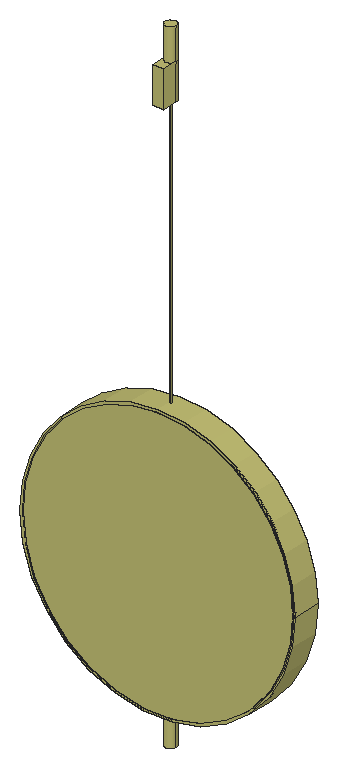
Revit family "Galileo-LivingDivani", category Casework, host Wall, Revit 2014
Parameters (values of type "Diametro 60 cm")
  URL = ""
  Type Comments = "www.livingdivani.it"
  Model = "Galileo"
  Mat. Struttura = Zinc
  Mat. Specchio = Glass, Cast, Clear
  Diametro 90 cm = not(Diametro 60cm)  # no
  Diametro 60cm = yes
Types (2, lengths in mm): name | URL | Type Comments | Diametro 90 cm | Diametro 60cm
  Diametro 60 cm | "" | "www.livingdivani.it" | no | yes
  Diametro 90 cm | "www.livingdivani.it" | 0 | yes | no
Reference planes
  plane 1: y = 0
  plane 2 "Centro (Sinistra/Destra)": x = 125
  plane 3 "Indietro": y = 75
Text (mm)
  text "Lato posizionamento" at (-1343.702, 674.496, 0), in view "Livello rif."
  text "Lato posizionamento" at (0, 1232.041, 2958.779), in view "Sinistra"
  text "Lato posizionamento" at (0, 590.385, 3035.99), in view "Destra"
Dimensions and locks
  locked: plane 3 "Indietro" to host wall at 0
  aligned and locked: plane 1 to host wall
  aligned and locked: nested 2 to nested 1
  aligned and locked: plane 3 "Indietro" to nested 1
  aligned and locked: plane 3 "Indietro" to nested 2
Nested families
  nested 1: "Galileo 90-LivingDivani" at (125, 75, 1205), visible <- "Diametro 90 cm", type "Specchio 90cm"
  nested 2: "Galileo 60-LivingDivani" at (125, 75, 1209.922), visible <- "Diametro 60cm", type "Specchio 60cm"
Definition of nested family "Galileo 90-LivingDivani"
  Parameters (values of type "Specchio 90cm")
    URL = "http://www.livingdivani.it"
    Model = "Galileo"
    Mat.specchio = Glass, Cast, Clear
    Mat. Struttura = Zinc
    Manufacturer = "LivingDivani"
    Codice prodotto = ""
    Altezza da terra = 980 mm
  Reference planes
    plane 1 "Centro (Fronte/Retro)": y = 0
    plane 2: z = 0
    plane 3 "Centro (Sinistra/Destra)": x = 0
    plane 4: z = 1430
    plane 5: z = 980
  Forms (mm)
    Sweep 1, solid, material "Zinc" <- "Mat. Struttura"
      path origin (0, 0, -354.052) x (-1, 0, 0) y (0, 0, 1)
        loop
          circle (0, 879.052) r 450
      profile origin (0, 0, 975) x (0, 0, -1) y (0, 1, 0)
        loop
          line (0, 0) -> (0, 60) -> (-5, 60) -> (-5, 0) -> (0, 0)
    Extrusion 2, solid, material "Zinc" <- "Mat. Struttura"
      sketch origin (0, 30, 0) x (-1, 0, 0) y (0, -1, 0)
        loop
          circle (0, -5) r 12.25
      from 0 to 70
    Extrusion 3, solid, material "Glass, Cast, Clear" <- "Mat.specchio"
      sketch origin (0, 2, -353.052) x (-1, 0, 0) y (0, 0, 1)
        loop
          circle (0, 878.052) r 448
      from 0 to 2
    Extrusion 4, solid, material "Zinc" <- "Mat. Struttura"
      sketch origin (0, 0, -351.052) x (-1, 0, 0) y (0, 0, 1)
        loop
          circle (0, 876.052) r 450
      from 0 to 2
    Extrusion 5, solid, material "Zinc" <- "Mat. Struttura"
      sketch origin (0, 30, 345) x (-1, 0, 0) y (0, -1, 0)
        loop
          circle (0, -5) r 1.5
      from -275 to 1085
    Extrusion 6, solid, material "Zinc" <- "Mat. Struttura"
      sketch origin (0, 30, 1170) x (-1, 0, 0) y (0, -1, 0)
        loop
          line (-12.5, 30) -> (-12.5, -5)
          arc (-12.5, -5) -> (0, -17.5) -> (12.5, -5) r 12.5
          line (12.5, -5) -> (12.5, 30) -> (-12.5, 30)
      from 260 to 340
    Extrusion 7, solid, material "Zinc" <- "Mat. Struttura"
      sketch origin (0, 30, 1250) x (-1, 0, 0) y (0, -1, 0)
        loop
          circle (0, -5) r 12.25
      from 260 to 330
  Dimensions and locks
    locked: plane 4 to Extrusion 7 at 150
    locked: plane 4 to Extrusion 7 at 80
    locked: plane 4 to Extrusion 6 at 80
    locked: Extrusion 2 to plane 5 at 980
    plane 5 to plane 4 = 450 mm
    locked: Extrusion 2 to Extrusion 2 at 70
    "Altezza da terra": level to plane 5
    locked: plane 5 to Extrusion 5 at 910
    Extrusion 7 to level = 1580 mm
    aligned and locked: level to plane 2
    aligned and locked: plane 4 to Extrusion 5
    aligned and locked: plane 4 to Extrusion 6
  Automatic sketch dimensions
    Sweep 1 sketch curve to plane 3 "Centro (Sinistra/Destra)" = 0 mm
    Sweep 1 sketch curve to plane 5 = 455 mm
    Sweep 1 sketch curve to profile plane = 0 mm  (x2)
    Sweep 1 sketch curve to Sweep 1 sketch curve = 5 mm
    Sweep 1 sketch curve to Sweep 1 sketch curve = 60 mm
    Extrusion 2 sketch curve to plane 3 "Centro (Sinistra/Destra)" = 0 mm
    Extrusion 2 sketch curve to plane 1 "Centro (Fronte/Retro)" = 35 mm
    Extrusion 3 sketch curve to Extrusion 3 sketch curve = 0 mm  (x2)
    Extrusion 3 sketch curve to plane 3 "Centro (Sinistra/Destra)" = 0 mm
    Extrusion 3 sketch curve to plane 5 = 455 mm
    Extrusion 3 sketch curve to Extrusion 3 sketch curve = 448 mm
    Extrusion 4 sketch curve to Extrusion 4 sketch curve = 0 mm  (x2)
    Extrusion 4 sketch curve to plane 3 "Centro (Sinistra/Destra)" = 0 mm
    Extrusion 4 sketch curve to plane 5 = 455 mm
    Extrusion 4 sketch curve to Extrusion 4 sketch curve = 450 mm
    Extrusion 5 sketch curve to plane 3 "Centro (Sinistra/Destra)" = 0 mm
    Extrusion 5 sketch curve to plane 1 "Centro (Fronte/Retro)" = 35 mm
    plane 1 "Centro (Fronte/Retro)" to Extrusion 6 sketch curve = 0 mm
    Extrusion 6 sketch curve to plane 3 "Centro (Sinistra/Destra)" = 0 mm
    Extrusion 6 sketch curve to Extrusion 6 sketch curve = 12.5 mm
    Extrusion 6 sketch curve to Extrusion 6 sketch curve = 35 mm
    Extrusion 7 sketch curve to plane 3 "Centro (Sinistra/Destra)" = 0 mm
    Extrusion 7 sketch curve to plane 1 "Centro (Fronte/Retro)" = 35 mm
    radius of Sweep 1 sketch curve = 450 mm
    radius of Extrusion 2 sketch curve = 12.25 mm
    radius of Extrusion 5 sketch curve = 1.5 mm
    radius of Extrusion 7 sketch curve = 12.25 mm
Definition of nested family "Galileo 60-LivingDivani"
  Parameters (values of type "Specchio 60cm")
    URL = "http://www.livingdivani.it"
    Model = "Galileo"
    Mat.specchio = Glass, Cast, Clear
    Mat. Struttura = Zinc
    Manufacturer = "LivingDivani"
    Codice prodotto = ""
    Altezza da terra = 680 mm
  Reference planes
    plane 1 "Centro (Fronte/Retro)": y = 0
    plane 2: z = -5
    plane 3 "Centro (Sinistra/Destra)": x = 0
    plane 4: z = 1275
    plane 5: z = 675
  Forms (mm)
    Sweep 1, solid, material "Zinc" <- "Mat. Struttura"
      path origin (0, 0, -509.052) x (-1, 0, 0) y (0, 0, 1)
        loop
          circle (0, 879.13) r 300
      profile origin (0, 0, 670.078) x (0, 0, -1) y (0, 1, 0)
        loop
          line (0, 0) -> (0, 60) -> (-5, 60) -> (-5, 0) -> (0, 0)
    Extrusion 2, solid, material "Zinc" <- "Mat. Struttura"
      sketch origin (0, 30, -5) x (-1, 0, 0) y (0, -1, 0)
        loop
          circle (0, -5) r 12.25
      from 0.078 to 70.078
    Extrusion 3, solid, material "Glass, Cast, Clear" <- "Mat.specchio"
      sketch origin (0, 2, -508.052) x (-1, 0, 0) y (0, 0, 1)
        loop
          circle (0, 878.13) r 298
      from 0 to 2
    Extrusion 4, solid, material "Zinc" <- "Mat. Struttura"
      sketch origin (0, 0, -506.052) x (-1, 0, 0) y (0, 0, 1)
        loop
          circle (0, 876.13) r 300
      from 0 to 2
    Extrusion 5, solid, material "Zinc" <- "Mat. Struttura"
      sketch origin (0, 30, 340) x (-1, 0, 0) y (0, -1, 0)
        loop
          circle (0, -5) r 1.5
      from 125.078 to 935
    Extrusion 6, solid, material "Zinc" <- "Mat. Struttura"
      sketch origin (0, 30, 864.922) x (-1, 0, 0) y (0, -1, 0)
        loop
          line (-12.5, 30) -> (-12.5, -5)
          arc (-12.5, -5) -> (0, -17.5) -> (12.5, -5) r 12.5
          line (12.5, -5) -> (12.5, 30) -> (-12.5, 30)
      from 410.078 to 490.078
    Extrusion 7, solid, material "Zinc" <- "Mat. Struttura"
      sketch origin (0, 30, 944.922) x (-1, 0, 0) y (0, -1, 0)
        loop
          circle (0, -5) r 12.25
      from 410.078 to 480.078
  Dimensions and locks
    locked: plane 4 to Extrusion 6 at 80
    plane 5 to plane 4 = 600 mm
    "Altezza da terra": level to plane 5
    locked: Extrusion 2 to plane 5 at 609.922
    locked: Extrusion 2 to Extrusion 2 at 70
    locked: plane 4 to Extrusion 7 at 80
    locked: Extrusion 7 to Extrusion 7 at 70
    Extrusion 7 to level = 1430 mm
    aligned and locked: level to plane 2
    aligned and locked: plane 4 to Extrusion 6
    aligned and locked: plane 4 to Extrusion 5
  Automatic sketch dimensions
    Sweep 1 sketch curve to plane 3 "Centro (Sinistra/Destra)" = 0 mm
    Sweep 1 sketch curve to plane 5 = 304.922 mm
    Sweep 1 sketch curve to profile plane = 0 mm  (x2)
    profile plane to Sweep 1 sketch curve = 5 mm
    profile plane to Sweep 1 sketch curve = 60 mm
    Extrusion 2 sketch curve to plane 3 "Centro (Sinistra/Destra)" = 0 mm
    Extrusion 2 sketch curve to plane 1 "Centro (Fronte/Retro)" = 35 mm
    Extrusion 3 sketch curve to Extrusion 3 sketch curve = 0 mm  (x2)
    Extrusion 3 sketch curve to plane 3 "Centro (Sinistra/Destra)" = 0 mm
    Extrusion 3 sketch curve to plane 5 = 304.922 mm
    plane 3 "Centro (Sinistra/Destra)" to Extrusion 3 sketch curve = 298 mm
    Extrusion 4 sketch curve to Extrusion 4 sketch curve = 0 mm  (x2)
    Extrusion 4 sketch curve to plane 3 "Centro (Sinistra/Destra)" = 0 mm
    Extrusion 4 sketch curve to plane 5 = 304.922 mm
    plane 3 "Centro (Sinistra/Destra)" to Extrusion 4 sketch curve = 300 mm
    Extrusion 5 sketch curve to plane 3 "Centro (Sinistra/Destra)" = 0 mm
    Extrusion 5 sketch curve to plane 1 "Centro (Fronte/Retro)" = 35 mm
    plane 1 "Centro (Fronte/Retro)" to Extrusion 6 sketch curve = 0 mm
    Extrusion 6 sketch curve to plane 3 "Centro (Sinistra/Destra)" = 0 mm
    plane 3 "Centro (Sinistra/Destra)" to Extrusion 6 sketch curve = 12.5 mm
    Extrusion 6 sketch curve to Extrusion 6 sketch curve = 35 mm
    Extrusion 7 sketch curve to plane 3 "Centro (Sinistra/Destra)" = 0 mm
    Extrusion 7 sketch curve to plane 1 "Centro (Fronte/Retro)" = 35 mm
    radius of Sweep 1 sketch curve = 300 mm
    radius of Extrusion 2 sketch curve = 12.25 mm
    radius of Extrusion 5 sketch curve = 1.5 mm
    radius of Extrusion 7 sketch curve = 12.25 mm
